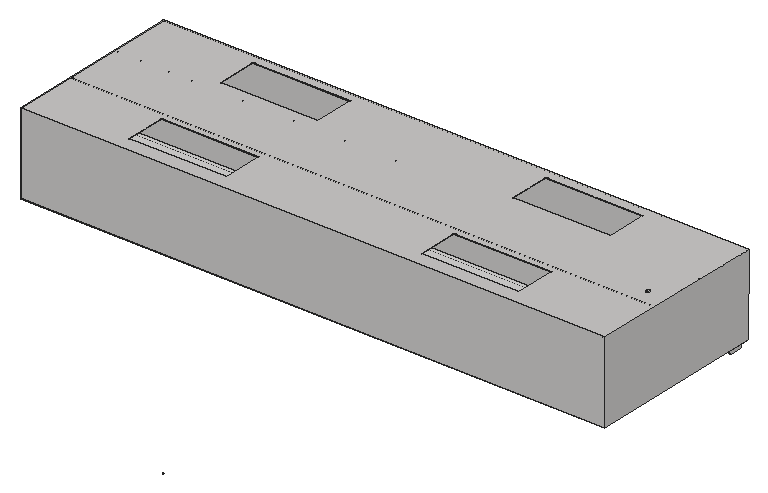
Revit family "QF_ELECTROLUXPROFESSIONAL_641255_STPF1136", category Attrezzature speciali, Revit 2021
Family settings
  Quota connettore circolare = Usa diametro
  Tipo di parte = Normale
  Basato su piano di lavoro = No
  Sempre verticale = Sì
  Taglio con vuoti quando caricato = No
  Condiviso = No
  Punto di calcolo locali = No
Parameters (values of type "Standard")
  Weight = 219.00 kg
  Watts = 320 W
  Volts = 220 V
  URL Manufacturer = "https://www.electroluxprofessional.com/"
  URL = "https://www.electroluxprofessional.com/"
  Steam Supply Size = 0 mm
  Steam Supply Minimum Pressure = 0.0 Pa
  Steam Supply Maximum Pressure = 0.0 Pa
  Steam Consumption per Hour = 0
  Refrigeration Suction Line Size = 0 mm
  Refrigeration Liquid Line Size = 0 mm
  Refrigerant Compressor Remote = yes
  Prospetto di default = 0 mm
  Produttore = "Electrolux Professional"
  Phase = 1
  Modello = "STPF1136"
  Length Actual = 3600 mm  # constant formula
  Item Number = "641255"
  Hot Water Size = 0 mm
  Height Actual = 500 mm  # constant formula
  HP = "0.4 HP"
  Gas Size = 0 mm
  Gas KW = 0
  Gas Input Pressure = 0 W
  Direct Waste Size = 0 mm
  Descrizione = "304 S/S WALL HOOD+FILTER+LAMPS 3600X1100"
  Depth Actual = 1100 mm  # constant formula
  Cycle = 50 Hz
  Condensate Return Size = 0 mm
  Compressed Air Volume = 0.0 L/s
  Compressed Air Size = 0 mm
  Compressed Air Pressure = 0.0 Pa
  Cold Water Size = 0 mm
  Accessory = yes
Reference planes
  plane 1: z = 0
  plane 2 "Center (Left/Right)": x = 150
  plane 3 "LEFT": x = -1650
  plane 4 "RIGHT": x = 1950
  plane 5 "BACK": y = 550
  plane 6 "TOP": z = 2500
  plane 7 "Base": z = 2000
  plane 8: z = 1955
  plane 9 "DrainY": y = 490
  plane 10: x = -1647
  plane 11 "DrainX": x = 1830
  plane 12 "AOLeft2": x = -450
  plane 13 "AORight1": x = 750
  plane 14: x = 1947
  plane 15: x = -1450
  plane 16: x = 1750
  plane 17 "Center (Front/Back)": y = -100
  plane 18 "Front": y = -550
  plane 19 "AOLeft1": x = -1050
  plane 20 "AORight2": x = 1350
  plane 21: y = -464
  plane 22: y = -214
  plane 23: y = 240
  plane 24: y = 490
  plane 25 "EI_y": y = -70
  plane 26 "EIx": x = 1830
Forms (mm)
  Extrusion 1, solid, material "QF_Finishes_Stainless Steel"
    sketch origin (-1650, 0, 360) x (0, 1, 0) y (0, 0, 1)
      loop
        line (550, 1640) -> (550, 2140) -> (-550, 2140) -> (-550, 1640) -> (550, 1640)
    from 0 to 3
  Extrusion 2, solid, material "QF_Finishes_Stainless Steel"
    sketch origin (1950, 0, 360) x (0, 1, 0) y (0, 0, 1)
      loop
        line (550, 1640) -> (550, 2140) -> (-550, 2140) -> (-550, 1640) -> (550, 1640)
    from 0 to -3
  Extrusion 3, solid, material "QF_Finishes_Stainless Steel"
    sketch origin (150, 0, 360) x (0, 1, 0) y (0, 0, 1)
      loop
        line (-550, 2140) -> (-550, 1640) -> (-540, 1640) -> (-540, 1640.8) -> (-549.2, 1640.8) -> (-549.2, 2139.19) -> (549.2, 2139.19) -> (549.2, 1640.8) -> (540, 1640.8) -> (540, 1640) -> (550, 1640) -> (550, 2140) -> (-550, 2140)
    from -1800 to 1800
  Extrusion 4, solid, material "QF_Finishes_Stainless Steel"
    sketch origin (0, 0, 2000) x (0, 1, 0) y (-1, 0, 0)
      loop
        circle (490, -1830) r 4.763
    from -30 to 0
  Extrusion 5, void
    sketch origin (0, 0, 2500) x (0, 1, 0) y (-1, 0, 0)
      loop
        line (-214, 450) -> (-214, 1050) -> (-464, 1050) -> (-464, 450) -> (-214, 450)
    from 0 to -10
  Extrusion 6, solid, material "QF_Finishes_Stainless Steel"
    sketch origin (0, 0, 0) x (1, 0, 0) y (0, 1, 0)
      loop
        line (-1650, 550) -> (-1650, 549) -> (-1649, 549) -> (-1649, 550) -> (-1650, 550)
    from 0 to 1
  Extrusion 7, solid, material "QF_LAMPS"
    sketch origin (150, 0, 360) x (0, 1, 0) y (0, 0, 1)
      loop
        line (-172.823, 1962.324) -> (-18.948, 2086.929) -> (-27.129, 2097.032) -> (-181.003, 1972.426) -> (-172.823, 1962.324)
    from 1797 to -1797
  Sweep 8, solid, material "QF_Finishes_Stainless Steel"
    path origin (0, 0, 0) x (1, 0, 0) y (0, 1, 0)
      loop
        line (1950, 550) -> (-1650, 550) -> (-1650, -550) -> (1950, -550) -> (1950, 550)
    profile origin (1950, 0, 0) x (1, 0, 0) y (0, 0, 1)
      loop
        line (-3, 2000) -> (-3, 2000.8) -> (-19, 2000.8) -> (-19, 2010) -> (-20, 2010) -> (-20, 2000) -> (-3, 2000)
  Extrusion 9, solid, material "QF_Finishes_Stainless Steel"
    sketch origin (150, 0, 0) x (0, 1, 0) y (0, 0, 1)
      loop
        line (414.66, 2095.469) -> (440.643, 2110.471) -> (261.744, 2411.771) -> (235.948, 2396.455) -> (414.66, 2095.469)
    from -1797 to -1600
  Extrusion 10, void
    sketch origin (1134.605, 0, 2500) x (0, 1, 0) y (-1, 0, 0)
      loop
        line (-214, -215.395) -> (-214, 384.605) -> (-464, 384.605) -> (-464, -215.395) -> (-214, -215.395)
    from 0 to -10
  Extrusion 11, solid, material "QF_Finishes_Stainless Steel"
    sketch origin (1830, 0, 0) x (0, 1, 0) y (0, 0, 1)
      loop
        line (539, 2000) -> (441, 2000) -> (441, 1989) -> (448.5, 1989) -> (448.5, 1965)
        arc (448.5, 1965) -> (451.429, 1957.929) -> (458.5, 1955) r 10
        line (458.5, 1955) -> (521.5, 1955)
        arc (521.5, 1955) -> (528.571, 1957.929) -> (531.5, 1965) r 10
        line (531.5, 1965) -> (531.5, 1989) -> (539, 1989) -> (539, 2000)
    from 90 to -90
  Extrusion 12, solid, material "QF_Finishes_Stainless Steel"
    sketch origin (150, 0, 0) x (0, 1, 0) y (0, 0, 1)
      loop
        line (414.66, 2095.469) -> (440.643, 2110.471) -> (261.744, 2411.771) -> (235.948, 2396.455) -> (414.66, 2095.469)
    from 1600 to 1797
  Extrusion 13, solid, material "QF_Finished_Chrome"
    sketch origin (150, 0, 0) x (0, 1, 0) y (0, 0, 1)
      loop
        line (414.66, 2095.469) -> (440.643, 2110.471) -> (261.744, 2411.771) -> (235.948, 2396.455) -> (414.66, 2095.469)
    from -1600 to 1600
  Extrusion 14, void
    sketch origin (0, 1180, 2500) x (0, 1, 0) y (-1, 0, 0)
      loop
        line (-690, 450) -> (-690, 1050) -> (-940, 1050) -> (-940, 450) -> (-690, 450)
    from 0 to -10
  Extrusion 15, void
    sketch origin (1600, 1180, 2500) x (0, 1, 0) y (-1, 0, 0)
      loop
        line (-690, 250) -> (-690, 850) -> (-940, 850) -> (-940, 250) -> (-690, 250)
    from 0 to -10
  Extrusion 16, solid, material "QF_Finishes_Stainless Steel"
    sketch origin (0, 0, 2500) x (0, 1, 0) y (-1, 0, 0)
      loop
        circle (-70, -1830) r 10
    from 0 to 1.6
  Extrusion 17, solid, material "QF_Finishes_Stainless Steel"
    sketch origin (150, 0, 360) x (0, 1, 0) y (0, 0, 1)
      loop
        line (430.005, 1640) -> (540, 1640) -> (540, 1640.8) -> (430.467, 1640.8) -> (371.906, 1742.23) -> (414.858, 1734.657) -> (442.266, 1750.481) -> (442.266, 1765.943) -> (441.466, 1765.943) -> (441.466, 1750.943) -> (414.709, 1735.495) -> (321.153, 1751.991) -> (320.875, 1750.416) -> (371.4, 1741.507) -> (430.005, 1640)
      loop
        line (172.529, 2139.19) -> (242.893, 2017.316) -> (245.133, 2018.715) -> (240.13, 2027.381) -> (238.569, 2026.405) -> (173.453, 2139.19) -> (172.529, 2139.19)
    from -1797 to 1797
  Extrusion 18, solid, material "QF_Finishes_Stainless Steel"
    sketch origin (150, 200.8, 360) x (0, 1, 0) y (0, 0, 1)
      loop
        line (-750, 2139.19) -> (-750, 1640) -> (-686.602, 1640) -> (-599.146, 1690.493) -> (-610.058, 1709.394) -> (-666.564, 1676.77) -> (-714.704, 1680.982) -> (-749.2, 1730.248) -> (-749.2, 2139.19) -> (-750, 2139.19)
      loop
        line (-373.6, 1961.694) -> (-381.937, 1971.99) -> (-369.095, 1982.182) -> (-369.095, 2139.19) -> (-369.895, 2139.19) -> (-369.895, 1982.569) -> (-682.298, 1734.63) -> (-671.091, 1720.79) -> (-373.6, 1961.694)
      loop
        line (-227.61, 2099.216) -> (-218.171, 2087.559) -> (-154.411, 2139.19) -> (-155.682, 2139.19) -> (-218.052, 2088.684) -> (-226.989, 2099.719) -> (-227.61, 2099.216)
    from -1797 to 1797
  Extrusion 19, solid, material "QF_Finishes_Stainless Steel"
    sketch origin (0, 0, 2500) x (0, 1, 0) y (-1, 0, 0)
      loop
        circle (-70, -1830) r 10
    from 0 to 1.6
Cuts and joins
  Extrusion 5, Extrusion 10, Extrusion 14, Extrusion 15 cuts Extrusion 3
  joined: Extrusion 2, Extrusion 3, Sweep 8
Lines and regions (mm)
  symbolic lines, style "SpecialityEquipment", detail levels coarse
    curve 1: line (1950, 550, 2500) -> (-1650, 550, 2500)
    curve 2: line (-1650, 550, 2500) -> (-1650, -550, 2500)
    curve 3: line (1950, -550, 2500) -> (1950, 550, 2500)
    curve 4: line (-1650, 550, 0) -> (1950, -550, 0)
    curve 5: line (1950, 550, 0) -> (-1650, -550, 0)
    curve 6: line (-1650, -550, 0) -> (1950, -550, 0)
  symbolic lines, detail levels coarse
    curve 7: line (-1050, 240, 2500) -> (-450, 240, 2500)
    curve 8: line (-1050, 490, 2500) -> (-1050, 240, 2500)
    curve 9: line (-450, 490, 2500) -> (-1050, 490, 2500)
    curve 10: line (-450, 240, 2500) -> (-450, 490, 2500)
    curve 11: line (750, 490, 2500) -> (750, 240, 2500)
    curve 12: line (1350, 490, 2500) -> (750, 490, 2500)
    curve 13: line (750, 240, 2500) -> (1350, 240, 2500)
    curve 14: line (1350, 240, 2500) -> (1350, 490, 2500)
    curve 15: line (-1050, -214, 2500) -> (-450, -214, 2500)
    curve 16: line (-1050, -464, 2500) -> (-1050, -214, 2500)
    curve 17: line (-450, -464, 2500) -> (-1050, -464, 2500)
    curve 18: line (-450, -214, 2500) -> (-450, -464, 2500)
    curve 19: line (750, -214, 2500) -> (1350, -214, 2500)
    curve 20: line (750, -464, 2500) -> (750, -214, 2500)
    curve 21: line (1350, -464, 2500) -> (750, -464, 2500)
    curve 22: line (1350, -214, 2500) -> (1350, -464, 2500)
Dimensions and locks
  plane 3 "LEFT" to plane 4 "RIGHT" = 3600 mm
  equal spacing: plane 3 "LEFT", plane 2 "Center (Left/Right)", plane 4 "RIGHT"
  plane 7 "Base" to plane 8 = 45 mm
  plane 5 "BACK" to plane 9 "DrainY" = 60 mm  (x2)
  plane 3 "LEFT" to plane 10 = 3 mm
  plane 11 "DrainX" to plane 4 "RIGHT" = 120 mm
  plane 14 to plane 4 "RIGHT" = 3 mm
  plane 3 "LEFT" to plane 15 = 200 mm
  plane 16 to plane 4 "RIGHT" = 200 mm
  locked: plane 12 "AOLeft2" to plane 13 "AORight1" at 1200
  equal spacing: plane 12 "AOLeft2", plane 2 "Center (Left/Right)", plane 13 "AORight1"
  locked: plane 7 "Base" to level at 2000
  locked: plane 6 "TOP" to plane 7 "Base" at 500
  locked: plane 19 "AOLeft1" to plane 12 "AOLeft2" at 600
  locked: plane 13 "AORight1" to plane 20 "AORight2" at 600
  locked: plane 22 to plane 21 at 250
  locked: plane 21 to plane 18 "Front" at 86
  locked: plane 24 to plane 23 at 250
  locked: plane 5 "BACK" to plane 24 at 60
  locked: plane 25 "EI_y" to plane 18 "Front" at 480
  locked: plane 26 "EIx" to plane 4 "RIGHT" at 120
  locked: plane 5 "BACK" to plane 18 "Front" at 1100
  plane 5 "BACK" to plane 18 "Front" = 1100 mm
  aligned and locked: level to plane 1
  aligned and locked: plane 4 "RIGHT" to Extrusion 3
  aligned and locked: Extrusion 3 to plane 3 "LEFT"
  aligned and locked: Extrusion 2 to plane 14
  aligned and locked: Extrusion 9 to plane 10
  aligned and locked: Extrusion 5 to plane 19 "AOLeft1"
  aligned and locked: Extrusion 5 to plane 12 "AOLeft2"
  aligned and locked: plane 20 "AORight2" to Extrusion 10
  aligned and locked: plane 13 "AORight1" to Extrusion 10
  aligned and locked: plane 15 to Extrusion 9
  aligned and locked: plane 16 to Extrusion 12
  aligned and locked: plane 14 to Extrusion 12
  aligned and locked: Extrusion 13 to plane 15
  aligned and locked: Extrusion 13 to plane 16
  aligned and locked: plane 14 to Extrusion 7
  aligned and locked: Extrusion 7 to plane 10
  aligned and locked: Extrusion 14 to plane 23
  aligned and locked: plane 24 to Extrusion 14
  aligned and locked: plane 24 to Extrusion 15
  aligned and locked: Extrusion 15 to plane 23
  aligned and locked: plane 13 "AORight1" to Extrusion 15
  aligned and locked: plane 20 "AORight2" to Extrusion 15
  aligned and locked: Extrusion 14 to plane 19 "AOLeft1"
  aligned and locked: Extrusion 14 to plane 12 "AOLeft2"
  aligned and locked: Extrusion 17 to plane 10
  aligned and locked: plane 14 to Extrusion 17
  aligned and locked: Extrusion 5 to plane 21
  aligned and locked: plane 22 to Extrusion 5
  aligned and locked: Extrusion 10 to plane 21
  aligned and locked: Extrusion 18 to plane 10
  aligned and locked: plane 14 to Extrusion 18
Automatic sketch dimensions
  curve 6 to plane 3 "LEFT" = 0 mm
  curve 4 to plane 3 "LEFT" = 0 mm
  curve 5 to plane 4 "RIGHT" = 0 mm
  curve 6 to plane 4 "RIGHT" = 0 mm
  curve 4 to plane 18 "Front" = 0 mm
  curve 4 to plane 5 "BACK" = 0 mm
  curve 5 to plane 5 "BACK" = 0 mm
  Extrusion 1 sketch curve to plane 7 "Base" = 0 mm
  Extrusion 1 sketch curve to plane 18 "Front" = 0 mm
  Extrusion 1 sketch curve to plane 5 "BACK" = 0 mm
  Extrusion 1 sketch curve to plane 6 "TOP" = 0 mm
  Extrusion 2 sketch curve to plane 7 "Base" = 0 mm
  Extrusion 2 sketch curve to plane 18 "Front" = 0 mm
  Extrusion 2 sketch curve to plane 5 "BACK" = 0 mm
  Extrusion 2 sketch curve to plane 6 "TOP" = 0 mm
  Extrusion 3 sketch curve to plane 6 "TOP" = 0 mm
  Extrusion 3 sketch curve to plane 18 "Front" = 0 mm
  Extrusion 3 sketch curve to plane 7 "Base" = 0 mm  (x2)
  Extrusion 3 sketch curve to plane 5 "BACK" = 0 mm
  plane 18 "Front" to Extrusion 3 sketch curve = 0.8 mm
  Extrusion 3 sketch curve to Extrusion 3 sketch curve = 9.2 mm
  plane 7 "Base" to Extrusion 3 sketch curve = 0.8 mm  (x2)
  Extrusion 3 sketch curve to plane 5 "BACK" = 10 mm
  Extrusion 3 sketch curve to plane 5 "BACK" = 0.8 mm
  Extrusion 3 sketch curve to plane 6 "TOP" = 0.81 mm
  Extrusion 4 sketch curve to plane 9 "DrainY" = 0 mm
  Extrusion 4 sketch curve to plane 11 "DrainX" = 0 mm
  Extrusion 5 sketch curve to plane 12 "AOLeft2" = 0 mm
  Extrusion 5 sketch curve to plane 19 "AOLeft1" = 0 mm
  plane 21 to Extrusion 5 sketch curve = 0 mm
  Extrusion 5 sketch curve to plane 25 "EI_y" = 144 mm
  Extrusion 6 sketch curve to plane 3 "LEFT" = 0 mm
  Extrusion 6 sketch curve to plane 5 "BACK" = 0 mm
  plane 3 "LEFT" to Extrusion 6 sketch curve = 1 mm
  Extrusion 6 sketch curve to Extrusion 6 sketch curve = 1 mm
  plane 22 to Extrusion 7 sketch curve = 32.997 mm
  Extrusion 7 sketch curve to Extrusion 7 sketch curve = 8.181 mm  (x2)
  plane 25 "EI_y" to Extrusion 7 sketch curve = 42.871 mm
  Extrusion 7 sketch curve to plane 6 "TOP" = 177.676 mm
  Extrusion 7 sketch curve to Extrusion 7 sketch curve = 10.102 mm
  Extrusion 7 sketch curve to plane 6 "TOP" = 53.071 mm
  Extrusion 7 sketch curve to Extrusion 7 sketch curve = 10.103 mm
  Sweep 8 sketch curve to plane 3 "LEFT" = 0 mm
  Sweep 8 sketch curve to plane 4 "RIGHT" = 0 mm
  Sweep 8 sketch curve to plane 18 "Front" = 0 mm
  Sweep 8 sketch curve to plane 5 "BACK" = 0 mm
  profile plane to Sweep 8 sketch curve = 20 mm
  Sweep 8 sketch curve to Sweep 8 sketch curve = 1 mm
  profile plane to Sweep 8 sketch curve = 3 mm
  level to Sweep 8 sketch curve = 2000 mm
  Sweep 8 sketch curve to Sweep 8 sketch curve = 0.8 mm
  Sweep 8 sketch curve to Sweep 8 sketch curve = 9.2 mm
  Extrusion 9 sketch curve to plane 23 = 4.052 mm
  plane 23 to Extrusion 9 sketch curve = 21.744 mm
  Extrusion 9 sketch curve to plane 9 "DrainY" = 75.34 mm
  Extrusion 9 sketch curve to Extrusion 9 sketch curve = 25.983 mm
  plane 7 "Base" to Extrusion 9 sketch curve = 95.469 mm
  Extrusion 9 sketch curve to Extrusion 9 sketch curve = 15.001 mm
  Extrusion 9 sketch curve to plane 6 "TOP" = 103.545 mm
  Extrusion 9 sketch curve to Extrusion 9 sketch curve = 15.316 mm
  Extrusion 10 sketch curve to plane 20 "AORight2" = 0 mm
  Extrusion 10 sketch curve to plane 13 "AORight1" = 0 mm
  plane 21 to Extrusion 10 sketch curve = 0 mm
  Extrusion 10 sketch curve to plane 25 "EI_y" = 144 mm
  Extrusion 11 sketch curve to plane 8 = 0 mm
  Extrusion 11 sketch curve to plane 7 "Base" = 11 mm  (x2)
  Extrusion 11 sketch curve to plane 9 "DrainY" = 49 mm
  Extrusion 11 sketch curve to Extrusion 11 sketch curve = 7.5 mm  (x2)
  Extrusion 11 sketch curve to Extrusion 11 sketch curve = 10 mm
  Extrusion 11 sketch curve to plane 5 "BACK" = 28.5 mm
  Extrusion 11 sketch curve to plane 5 "BACK" = 18.5 mm
  plane 7 "Base" to Extrusion 11 sketch curve = 0 mm
  Extrusion 12 sketch curve to plane 23 = 4.052 mm
  plane 23 to Extrusion 12 sketch curve = 21.744 mm
  Extrusion 12 sketch curve to plane 9 "DrainY" = 75.34 mm
  Extrusion 12 sketch curve to Extrusion 12 sketch curve = 25.983 mm
  plane 7 "Base" to Extrusion 12 sketch curve = 95.469 mm
  Extrusion 12 sketch curve to Extrusion 12 sketch curve = 15.001 mm
  Extrusion 12 sketch curve to plane 6 "TOP" = 103.545 mm
  Extrusion 12 sketch curve to Extrusion 12 sketch curve = 15.316 mm
  Extrusion 13 sketch curve to plane 23 = 4.052 mm
  plane 23 to Extrusion 13 sketch curve = 21.744 mm
  Extrusion 13 sketch curve to plane 9 "DrainY" = 75.34 mm
  Extrusion 13 sketch curve to Extrusion 13 sketch curve = 25.983 mm
  plane 7 "Base" to Extrusion 13 sketch curve = 95.469 mm
  Extrusion 13 sketch curve to Extrusion 13 sketch curve = 15.001 mm
  Extrusion 13 sketch curve to plane 6 "TOP" = 103.545 mm
  Extrusion 13 sketch curve to Extrusion 13 sketch curve = 15.316 mm
  Extrusion 14 sketch curve to plane 12 "AOLeft2" = 0 mm
  Extrusion 14 sketch curve to plane 23 = 0 mm
  Extrusion 14 sketch curve to plane 9 "DrainY" = 0 mm
  Extrusion 14 sketch curve to plane 19 "AOLeft1" = 0 mm
  Extrusion 15 sketch curve to plane 20 "AORight2" = 0 mm
  Extrusion 15 sketch curve to plane 23 = 0 mm
  Extrusion 15 sketch curve to plane 9 "DrainY" = 0 mm
  Extrusion 15 sketch curve to plane 13 "AORight1" = 0 mm
  Extrusion 16 sketch curve to plane 25 "EI_y" = 0 mm
  Extrusion 16 sketch curve to plane 26 "EIx" = 0 mm
  Extrusion 17 sketch curve to plane 7 "Base" = 0 mm
  Extrusion 17 sketch curve to plane 6 "TOP" = 0.81 mm
  Extrusion 17 sketch curve to plane 23 = 67.471 mm
  Extrusion 17 sketch curve to Extrusion 17 sketch curve = 0.924 mm
  Extrusion 17 sketch curve to plane 23 = 1.431 mm
  plane 23 to Extrusion 17 sketch curve = 0.13 mm
  plane 23 to Extrusion 17 sketch curve = 2.893 mm
  Extrusion 17 sketch curve to Extrusion 17 sketch curve = 2.24 mm
  plane 23 to Extrusion 17 sketch curve = 80.875 mm
  Extrusion 17 sketch curve to Extrusion 17 sketch curve = 0.278 mm
  Extrusion 17 sketch curve to Extrusion 17 sketch curve = 50.525 mm
  Extrusion 17 sketch curve to Extrusion 17 sketch curve = 0.506 mm
  Extrusion 17 sketch curve to Extrusion 17 sketch curve = 42.803 mm
  Extrusion 17 sketch curve to Extrusion 17 sketch curve = 0.148 mm
  Extrusion 17 sketch curve to plane 9 "DrainY" = 59.995 mm
  plane 7 "Base" to Extrusion 17 sketch curve = 0.8 mm
  Extrusion 17 sketch curve to Extrusion 17 sketch curve = 0.462 mm  (x2)
  Extrusion 17 sketch curve to Extrusion 17 sketch curve = 109.533 mm
  Extrusion 17 sketch curve to Extrusion 17 sketch curve = 26.757 mm
  Extrusion 17 sketch curve to Extrusion 17 sketch curve = 0.8 mm
  plane 7 "Base" to Extrusion 17 sketch curve = 94.657 mm
  Extrusion 17 sketch curve to Extrusion 17 sketch curve = 0.838 mm
  Extrusion 17 sketch curve to Extrusion 17 sketch curve = 6.012 mm
  Extrusion 17 sketch curve to Extrusion 17 sketch curve = 0.723 mm
  Extrusion 17 sketch curve to Extrusion 17 sketch curve = 14.986 mm
  Extrusion 17 sketch curve to Extrusion 17 sketch curve = 15 mm
  Extrusion 17 sketch curve to plane 6 "TOP" = 122.684 mm
  Extrusion 17 sketch curve to Extrusion 17 sketch curve = 1.399 mm
  Extrusion 17 sketch curve to Extrusion 17 sketch curve = 9.089 mm
  Extrusion 17 sketch curve to Extrusion 17 sketch curve = 0.975 mm
  Extrusion 18 sketch curve to plane 7 "Base" = 0 mm
  Extrusion 18 sketch curve to Extrusion 18 sketch curve = 0.8 mm  (x2)
  plane 7 "Base" to Extrusion 18 sketch curve = 40.982 mm
  Extrusion 18 sketch curve to Extrusion 18 sketch curve = 35.296 mm
  Extrusion 18 sketch curve to Extrusion 18 sketch curve = 28.102 mm
  plane 7 "Base" to Extrusion 18 sketch curve = 94.63 mm
  Extrusion 18 sketch curve to Extrusion 18 sketch curve = 32.405 mm
  plane 7 "Base" to Extrusion 18 sketch curve = 80.79 mm
  Extrusion 18 sketch curve to Extrusion 18 sketch curve = 11.207 mm
  plane 7 "Base" to Extrusion 18 sketch curve = 36.77 mm
  Extrusion 18 sketch curve to Extrusion 18 sketch curve = 20.038 mm
  plane 7 "Base" to Extrusion 18 sketch curve = 69.394 mm
  Extrusion 18 sketch curve to Extrusion 18 sketch curve = 61.033 mm
  plane 7 "Base" to Extrusion 18 sketch curve = 50.493 mm
  Extrusion 18 sketch curve to Extrusion 18 sketch curve = 10.912 mm
  Extrusion 18 sketch curve to plane 6 "TOP" = 168.01 mm
  Extrusion 18 sketch curve to Extrusion 18 sketch curve = 228.121 mm
  Extrusion 18 sketch curve to plane 6 "TOP" = 178.306 mm
  Extrusion 18 sketch curve to Extrusion 18 sketch curve = 8.337 mm
  Extrusion 18 sketch curve to plane 6 "TOP" = 157.431 mm
  Extrusion 18 sketch curve to Extrusion 18 sketch curve = 12.042 mm
  Extrusion 18 sketch curve to plane 6 "TOP" = 157.818 mm
  Extrusion 18 sketch curve to plane 6 "TOP" = 40.784 mm
  Extrusion 18 sketch curve to Extrusion 18 sketch curve = 141.485 mm
  Extrusion 18 sketch curve to plane 6 "TOP" = 40.281 mm
  Extrusion 18 sketch curve to Extrusion 18 sketch curve = 0.622 mm
  Extrusion 18 sketch curve to plane 6 "TOP" = 52.441 mm
  Extrusion 18 sketch curve to plane 6 "TOP" = 51.316 mm
  Extrusion 18 sketch curve to plane 6 "TOP" = 0.81 mm  (x3)
  Extrusion 18 sketch curve to Extrusion 18 sketch curve = 62.37 mm
  Extrusion 18 sketch curve to Extrusion 18 sketch curve = 1.271 mm
  Extrusion 18 sketch curve to Extrusion 18 sketch curve = 49.266 mm
  Extrusion 19 sketch curve to plane 25 "EI_y" = 0 mm
  Extrusion 19 sketch curve to plane 26 "EIx" = 0 mm
  plane 18 "Front" to Extrusion 18 sketch curve = 0.8 mm
  curve 2 to plane 3 "LEFT" = 0 mm
  curve 2 to plane 18 "Front" = 0 mm
  curve 3 to plane 4 "RIGHT" = 0 mm
  curve 3 to plane 18 "Front" = 0 mm
  curve 21 to plane 13 "AORight1" = 0 mm
  curve 21 to plane 21 = 0 mm
  curve 18 to plane 12 "AOLeft2" = 0 mm
  curve 18 to plane 21 = 0 mm
  curve 19 to plane 20 "AORight2" = 0 mm
  curve 19 to plane 22 = 0 mm
  curve 15 to plane 22 = 0 mm
  curve 13 to plane 13 "AORight1" = 0 mm
  curve 13 to plane 23 = 0 mm
  curve 10 to plane 12 "AOLeft2" = 0 mm
  curve 10 to plane 23 = 0 mm
  curve 14 to plane 9 "DrainY" = 0 mm
  curve 10 to plane 9 "DrainY" = 0 mm
  curve 2 to plane 5 "BACK" = 0 mm
  curve 14 to plane 20 "AORight2" = 0 mm
  curve 17 to plane 19 "AOLeft1" = 0 mm
  curve 7 to plane 19 "AOLeft1" = 0 mm
  radius of Extrusion 4 sketch curve = 4.763 mm
  radius of Extrusion 16 sketch curve = 10 mm
  radius of Extrusion 19 sketch curve = 10 mm
Connectors
  piping at (1830, 490, 1970), diameter 9.5
    settings: on Extrusion 4, index 1, connector inside diameter 609.6 mm, connector length 0 mm, flow factor 0, pipe flow 0.0 L/s, pressure drop 0.0 Pa, fitting loss kfactor 0, connector angle 0.00°, fixture units 0, engagement length 0 mm, angle of deflection 0.00°, flow configuration 1, flow direction 2, fitting loss method 0, system type 16, joint type 0, gender type 0, connector reference index -1, connector utility 0, adjustable connector no, is connector primary yes, connector description "Drain"
  hvac at (-750, -339, 2500)
    settings: on Extrusion 5, index 2, duct flow 0.0 L/s, flow factor 0, pres drop 0.0 Pa, loss coef 0, conn angle 0.00°, conn width 250 mm, conn height 600 mm, conn diameter 609.6 mm, duct sys type 1, conn prof type 1, flow config 1, flow direction 1, loss method 0, conn ref index -1, conn util no, is conn primary yes, conn desc "AIR INLET"
  hvac at (1050, -339, 2500)
    settings: on Extrusion 10, index 3, duct flow 0.0 L/s, flow factor 0, pres drop 0.0 Pa, loss coef 0, conn angle 0.00°, conn width 250 mm, conn height 600 mm, conn diameter 609.6 mm, duct sys type 1, conn prof type 1, flow config 1, flow direction 1, loss method 0, conn ref index -1, conn util no, is conn primary no, conn desc "AIR INLET"
  hvac at (-750, 365, 2500)
    settings: on Extrusion 14, index 4, duct flow 0.0 L/s, flow factor 0, pres drop 0.0 Pa, loss coef 0, conn angle 0.00°, conn width 250 mm, conn height 600 mm, conn diameter 609.6 mm, duct sys type 3, conn prof type 1, flow config 1, flow direction 2, loss method 0, conn ref index -1, conn util no, is conn primary no, conn desc "EXHAUST OUTLET"
  hvac at (1050, 365, 2500)
    settings: on Extrusion 15, index 5, duct flow 0.0 L/s, flow factor 0, pres drop 0.0 Pa, loss coef 0, conn angle 0.00°, conn width 250 mm, conn height 600 mm, conn diameter 609.6 mm, duct sys type 3, conn prof type 1, flow config 1, flow direction 2, loss method 0, conn ref index -1, conn util no, is conn primary no, conn desc "EXHAUST OUTLET"
  electrical at (1830, -70, 2501.6), driven by "Volts"
    settings: on Extrusion 16, index 6, voltage 220 V, apparent load 0 VA, apparent load phase1 0 VA, apparent load phase2 0 VA, apparent load phase3 0 VA, power factor 1, load classification "Other", number of poles 1, system type 30, power factor state 1, is connector primary yes, connector utility no, sub classification motor no, connector description "Electrical Connection"
  electrical at (1830, -70, 2501.6)
    settings: on Extrusion 19, index 12, voltage 0 V, apparent load 0 VA, apparent load phase1 0 VA, apparent load phase2 0 VA, apparent load phase3 0 VA, power factor 1, load classification "Other", number of poles 1, system type 30, power factor state 1, is connector primary no, connector utility no, sub classification motor no, connector description ""
